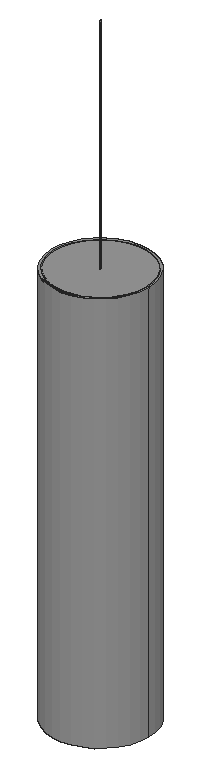
Revit family "Artemide_Tagora_Suspended_80", category Apparecchi per illuminazione, Revit 2018
Family settings
  Quota connettore circolare = Usa diametro
  Tipo di parte = Normale
  Basato su piano di lavoro = Sì
  Sempre verticale = Sì
  Taglio con vuoti quando caricato = No
  Sorgente d'illuminazione = Sì
  Condiviso = No
  Punto di calcolo locali = No
Parameters
  Wattage = 14 W
  built-in parameter 1150110 = 1 (stored number, unit not read)
  Voltage = "-"
  built-in parameter 1114217 = 1 (stored number, unit not read)
  Tilt Angle = 90.00°
  built-in parameter 1150109 = 1 (stored number, unit not read)
  built-in parameter 1150134 = 12
  built-in parameter 1150113 = 1 (stored number, unit not read)
  Radius_InternalCylinder = Radius_ExternalCyilinder - 2 mm  # 38 mm
  Radius_ExternalCyilinder = 40 mm
  Product Range = "Tagora"
  File diagramma fotometrico = "AB04652.IES"
  Max Height from ceiling = 2000 mm
  M_HousingCylinder = Artemide_Aluminum_Beige
  M_Housing = Artemide_Aluminum_White
  M_Fixings = Artemide_Aluminum_Anodized
  M_Diffuser = Artemide_Glass_LightBulb
  built-in parameter 1150105 = 83.311 (stored number, unit not read)
  Lumens = 1046.92 lm
  built-in parameter 1150115 = 1 (stored number, unit not read)
  built-in parameter 1150137 = (empty or 0)
  built-in parameter 1150139 = (empty or 0)
  built-in parameter 1150112 = 1 (stored number, unit not read)
  built-in parameter 1150114 = 1 (stored number, unit not read)
  built-in parameter 1150132 = (empty or 0)
  built-in parameter 1150102 = (empty or 0)
  built-in parameter 1150107 = 4000 (stored number, unit not read)
  built-in parameter 1150138 = (empty or 0)
  built-in parameter 1150106 = 0.83311 (stored number, unit not read)
  IfcExportType = "NOT DEFINED"  # constant formula
  IfcExportAs = "IfcLightFixtureType"  # constant formula
  Weekly = "-"
  Warranty ID = "https://cloud.artemide.com/5-years-warranty"
  Upward Component  = 0
  Unified Glare Rating  = "-"
  Uniclass 2015 = "Pr_70_70_48"  # constant formula
  URL to O&M Manual = "https://www.artemide.com/contents/documenti/prodotto/tagora_sospensione_80_instructions2194181.pdf"
  URL to Energy Technology List = "-"
  Total Power = 0
  Total Light Output  = 0
  Testing method = "-"
  Supply Phase = 0
  Suitable for Photocell Control = "-"
  Suitable for Motion Detector Control = "N"
  Suitable for Dimming  = "Y"
  Suitable Dimmer Type = "DALI"
  Standards = "-"
  Shipping Weight = 0
  Service life  = "-"
  Secondary Rated Lamp Life = 0
  Secondary Lamp Voltage = 0
  Secondary Lamp International Type Code = "-"
  Secondary Lamp Initial Lumens  = 0
  Secondary Lamp Included = "-"
  Secondary Lamp Efficacy = 0
  Secondary Lamp Colour Temperature = 0
  Secondary Lamp Colour Rendering Index = 0
  Secondary Lamp Cap = "-"
  Secondary Lamp = "-"
  Responsible Sourcing of Materials = "-"
  Responsible Extraction of Materials = "-"
  Rated Lamp Life = 50000
  Quarterly = "-"
  Product Model Number = "AB04652"
  Product Literature = "https://www.artemide.com/en/subfamily/1688074/tagora-suspension-80"
  Primary Lamp Type = "LED"
  Power Supply Kit = "-"
  Power Factor = 0
  Photocell = "-"
  Overall Width = 0
  Overall Light Output Ratio = 0
  Overall Length = 80
  Overall Height = 330
  Output Lumens Indirect light = 0
  Output Lumens Direct light = 1047
  Number of Secondary Lamps = 0
  Number of Primary Lamps = 1
  Number of Poles = 0
  Motion Sensor = "-"
  Motion Detector = "-"
  Monthly = "-"
  Minimum Operating Temperature = 0
  Maximum Operating Temperature = 0
  Material Ingredient Reporting = "-"
  Manufacturer Website = "https://www.artemide.com"
  Produttore = "Artemide"
  Maintenance Required: 8001-12000hrs  = "-"
  Maintenance Required: 601-1000hrs = "-"
  Maintenance Required: 4001-8000hrs  = "-"
  Maintenance Required: 301-600hrs  = "-"
  Maintenance Required: 2001-4000hrs  = "-"
  Maintenance Required: 1001-2000hrs  = "-"
  Maintenance Required: 0-300hrs  = "-"
  Luminance at 65deg Angle = 0
  Luminaire Type = "Pendant"
  Luminaire Maintenance Factor = 0
  Luminaire Cleaning Interval  = "-"
  Louvre/Lens = "-"
  Location of Manufacturer = "-"
  Light Output Pattern = "-"
  Light Fixture Mounting Type = "Suspended"
  Life Cycle Analysis = "-"
  Lamp Survival Factor = "-"
  Lamp Replacement Interval = "-"
  Lamp Included = "Y"
  Lamp Cap = "LED Integrated"
  LED lifetime = 60000
  LED Maintained Colour Variation         = 0
  LED Initial Colour Variation                      = 0
  International Type Code = "-"
  Intended Market = "Unset"
  Integral Fuse or Circuit Protection  = "-"
  Integral Emergency Lighting Battery Type = "-"
  Input Lumens Indirect light = 0
  Input Lumens Direct light = 1535
  Initial Lumens = 1047
  Infills = "-"
  IP Rating = "IP20"
  IK Rating = "-"
  IES Files  = "https://www.artemide.com/product/downloadFile/4126786/ieseu/4887958"
  Housing Material = "Aluminium"
  Housing Finish  = "Painted"
  Housing Colour  = "Beige/White"
  Hazardous Area Protection Type = "-"
  Hazardous Area Category = "-"
  Gross Weight = 1.51
  Green Guide for Specification = "-"
  Frequency  = 0
  Fixings = "-"
  Fire Shroud = "-"
  Fire Rating Duration = 0
  Fire Rated Temperature = 0
  Fire Rated = "-"
  Features = "Any additional components/accessories included in this file are required to complete the product/configuration and must be ordered separately.Please check the catalogue/dedicated brochure for more information"
  Face Width = 0
  Face Shape = "Cylindrical"
  Face Length = 0
  External Control Line Voltage = 0
  Expected Life = "-"
  Environmental Product Declaration = "-"
  End Caps/Transition Caps/Joints = "-"
  Emit from Circle Diameter = 38.3 mm
  Rendi la forma visibile nel rendering = no
  Emergency light output percentage = 0
  Emergency Lighting Battery = "-"
  Emergency Charging Power       = 0
  Emergency = "N"
  Embodied Carbon  = 0
  Efficiency = 68
  built-in parameter 1150104 = 6.9473 (stored number, unit not read)
  Earth Point  = "-"
  ENEC Certification of European conformity = "N"
  Duration of Integral Emergency Lighting  = 0
  Drive Current                                          = 0
  Downward Component = 0
  Distance_LampFromCeilingMax [instance] = if(Distance_LampFromCeiling < Max Height from ceiling, Distance_LampFromCeiling, Max Height from ceiling)  # 182 mm
  Distance_LampFromCeiling [instance] = 182 mm
  Distance_HeightLamp = 330.018 mm
  Variazione temperatura colore lampada con luminosità attenuata = <Nessuno>
  Diffusing screen = "-"
  Designed by = "S./R. Cornelissen"
  Default Elevation = 1219.2 mm
  Daylight Sensor = "-"
  Daily = "-"
  Cut Out Width = 0
  Cut Out Length = 0
  Current  = 0
  Control Gear Type = "-"
  Control Gear Standby Power  = 0
  Control Gear Required = "-"
  Control Gear Location = "-"
  Column = "-"
  Colour Temperature = 4000
  Colour Rendering Index = 90
  Filtro dei colori = 16777215
  CE Approval = "Y"
  Bespoke Timeframe = "-"
  Beam Angle Transverse Axis  = 0.00°
  Beam Angle Longditudinal Axis  = 0.00°
  Basis of lifetime luminaire failures        = 0
  Basis of lifetime lumen depreciation   = 0
  built-in parameter 1114218 = 1 (stored number, unit not read)
  built-in parameter 1150133 = 10 (stored number, unit not read)
  Application Environment = "Internal"
  Annually = "-"
  Ambient Temperature                             = 0
  Air Handling = "-"
  Access Clearance Top = 0
  Access Clearance Right = 0
  Access Clearance Rear = 0
  Access Clearance Left = 0
  Access Clearance Front = 0
  Access Clearance Bottom = 0
  6 Monthly = "-"
Reference planes
  plane 1 "Center (Front/Back)": y = 0
  plane 2 "Top Fixings": z = 0
  plane 3 "Center (Left/Right)": x = 0
  plane 4 "Middle Internal Cone": z = -479.3
  plane 5 "Bottom Lamp": z = -512.018
  plane 6 "Light": z = -465.37
  plane 7 "Top Lamp": z = -182
  plane 8: z = -184
  plane 9 "Center L/Y": z = -481.3
Forms (mm)
  Revolve 1, solid, material "Artemide_Glass_LightBulb" <- "M_Diffuser"
    sketch origin (0, 0, -512.044) x (1, 0, 0) y (0, 0, 1)
      loop
        line (-20.233, 32.744) -> (-20.233, 30.744) -> (0, 30.744) -> (0, 32.744) -> (-20.233, 32.744)
      axis (0, 32.744) -> (0, 30.744)
    angle from 0 to 360
  Revolve 2, solid, material "Artemide_Aluminum_White" <- "M_Housing"
    sketch origin (0, 0, -512.044) x (1, 0, 0) y (0, 0, 1)
      loop
        line (-20.233, 32.744) -> (-21.953, 32.744) -> (-38, 0.026) -> (-36.28, 0.026) -> (-20.233, 32.744)
      axis (0, 32.744) -> (0, 0.026)
    angle from 0 to 360
  Extrusion 3, solid, material "Artemide_Aluminum_Beige" <- "M_HousingCylinder"
    sketch origin (0, 0, 0) x (1, 0, 0) y (0, 1, 0)
      loop
        circle (0, 0) r 40
      loop
        circle (0, 0) r 38
    from -512.018 to -182
  Extrusion 4, solid, material "Artemide_Aluminum_Beige" <- "M_HousingCylinder"
    sketch origin (0, 0, 0) x (1, 0, 0) y (0, 1, 0)
      loop
        circle (0, 0) r 38
    from -184 to -182
  Extrusion 5, solid, material "Artemide_Aluminum_Anodized" <- "M_Fixings"
    sketch origin (0, 0, 0) x (1, 0, 0) y (0, 1, 0)
      loop
        circle (0, 0) r 0.4
    from -182 to 0
Dimensions and locks
  "Distance_LampFromCeilingMax": plane 2 "Top Fixings" to plane 7 "Top Lamp"
  locked: plane 7 "Top Lamp" to plane 8 at 2
  "Distance_HeightLamp": plane 7 "Top Lamp" to plane 5 "Bottom Lamp"
  plane 6 "Light" to plane 4 "Middle Internal Cone" to plane 9 "Center L/Y" to plane 5 "Bottom Lamp" = 13.93 mm locked, 2 mm locked, 30.718 mm locked
  "Radius_ExternalCyilinder": radius of Extrusion 3 sketch curve
  "Radius_InternalCylinder": radius of Extrusion 3 sketch curve
  "Radius_InternalCylinder": radius of Extrusion 4 sketch curve
  aligned and locked: level to plane 2 "Top Fixings"
  aligned and locked: Revolve 1 sketch curve to plane 3 "Center (Left/Right)"
  aligned and locked: plane 4 "Middle Internal Cone" to Revolve 2 sketch curve
  aligned and locked: Revolve 2 sketch curve to plane 3 "Center (Left/Right)"
  aligned and locked: plane 6 "Light" to imposter light
  aligned and locked: plane 3 "Center (Left/Right)" to imposter light
  aligned and locked: imposter light to plane 1 "Center (Front/Back)"
  aligned and locked: plane 3 "Center (Left/Right)" to Extrusion 3 sketch curve  (x2)
  aligned and locked: plane 1 "Center (Front/Back)" to Extrusion 3 sketch curve  (x2)
  aligned and locked: plane 3 "Center (Left/Right)" to Extrusion 4 sketch curve
  aligned and locked: plane 1 "Center (Front/Back)" to Extrusion 4 sketch curve
  aligned and locked: plane 7 "Top Lamp" to Extrusion 3
  aligned and locked: plane 7 "Top Lamp" to Extrusion 4
  aligned and locked: Extrusion 4 to plane 8
  aligned and locked: Extrusion 5 to plane 7 "Top Lamp"
  aligned and locked: plane 2 "Top Fixings" to Extrusion 5
  aligned and locked: Extrusion 3 to plane 5 "Bottom Lamp"
  aligned and locked: Extrusion 3 to Revolve 2 sketch curve
  aligned and locked: Revolve 1 sketch curve to plane 9 "Center L/Y"
  aligned and locked: Revolve 1 sketch curve to plane 4 "Middle Internal Cone"
Automatic sketch dimensions
  plane 1 "Center (Front/Back)" to Extrusion 5 sketch curve = 0 mm
  Extrusion 5 sketch curve to plane 3 "Center (Left/Right)" = 0 mm
  Revolve 2 sketch curve to plane 3 "Center (Left/Right)" = 20.233 mm
  Revolve 2 sketch curve to Revolve 2 sketch curve = 1.72 mm  (x2)
  Revolve 2 sketch curve to Revolve 2 sketch curve = 14.327 mm
  Revolve 2 sketch curve to plane 5 "Bottom Lamp" = 366.045 mm
  level to Revolve 2 sketch curve = 1702.271 mm
  Revolve 1 sketch curve to plane 3 "Center (Left/Right)" = 0 mm
  Revolve 1 sketch curve to Revolve 1 sketch curve = 20.233 mm
  Revolve 1 sketch curve to plane 5 "Bottom Lamp" = 366.045 mm
  level to Revolve 1 sketch curve = 1702.271 mm
  radius of Extrusion 5 sketch curve = 0.4 mm
